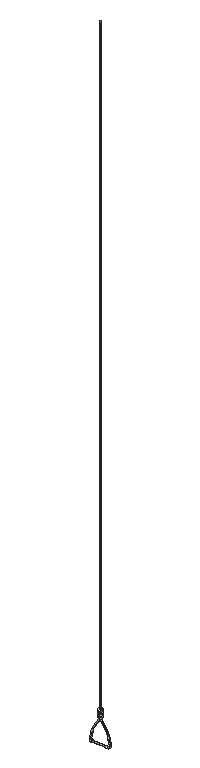
Revit family "Wire-HunterDouglas-Deep_Box_Series", category Specialty Equipment, Revit 2013
Parameters (values of type "Parametric")
  Wire Hanger = Metal - Aluminum Frame - HunterDouglas - Painted White
  URL = "http://www.hunterdouglascontract.com/ceilings/index.jsp"
  Subcategory = "Metal – Linear"  # constant formula
  Product Line = "Deep Box Series"  # constant formula
  Model = "Deep Box Series Hanger Wire"  # constant formula
  Manufacturer = "Hunter Douglas Luxalon Metal Ceilings"  # constant formula
  Hanger Wire Height [instance] = 3' - 0"
  Description = "Hanger Wire"  # constant formula
  Color Finishes = "http://www.hunterdouglascontract.com/ceilings/metalsystems/linear/deepbox/index.jsp?t=colorPage"
  Assembly Code = "C3030200"
  95 CSI = "09510"  # constant formula
  04 CSI = "09 51 00"  # constant formula
Reference planes (in)
  plane 1 "Center (Front/Back)": y = 0
  plane 2: z = 0
  plane 3 "Center (Left/Right)": x = 0
  plane 4: x = -0.77248
  plane 5: x = 0.77248
  plane 6: z = 2.4375
  plane 7: z = 2.5
  plane 8: z = 36
Dimensions and locks (in)
  equal spacing: plane 4, plane 3 "Center (Left/Right)", plane 5
  plane 4 to plane 5 = 0' - 1.54495"
  locked: plane 6 to plane 7 at 0.0625
  locked: plane 6 to level at 2.4375
  "Hanger Wire Height": plane 8 to level
  aligned and locked: level to plane 2
  aligned and locked: plane 3 "Center (Left/Right)" to nested 1
  aligned and locked: plane 1 "Center (Front/Back)" to nested 1
  aligned and locked: plane 6 to nested 1
Nested families (in)
  nested 1: "Wire" at (0, 0, 0), type "Parametric"
Definition of nested family "Wire"
  Parameters (values of type "Parametric")
    Wire Hanger = Metal - Aluminum Frame - HunterDouglas - Painted White
    URL = "http://www.hunterdouglascontract.com/ceilings/index.jsp"
    Subcategory = "Metal – Linear"  # constant formula
    Product Line = "6-7 Box Series & Deep Box"  # constant formula
    Model = "6-7 Box Series & Deep Box Hanger Wire"  # constant formula
    Manufacturer = "Hunter Douglas Luxalon Metal Ceilings"  # constant formula
    HangerWire Length = 3' - 0"
    Description = "Hanger_Wire"  # constant formula
    Assembly Code = "C3030200"
    95 CSI = "09510"  # constant formula
    04 CSI = "09 51 00"  # constant formula
  Reference planes (in)
    plane 1 "Center (Front/Back)": y = 0
    plane 2: z = 0
    plane 3 "Center (Left/Right)": x = 0
    plane 4: x = -0.77248
    plane 5: x = 0.77248
    plane 6: z = 2.4375
    plane 7: z = 2.5
    plane 8: z = 36
  Forms (in)
    Sweep 1, solid, material "Metal - Aluminum Frame - HunterDouglas - Painted White" <- "Wire Hanger", detail levels fine
      path origin (0, 0, 0) x (1, 0, 0) y (0, 0, 1)
        loop
          line (0.03125, 36) -> (0.03125, 3.70793) -> (0.38236, 3.14135)
          arc (0.38236, 3.14135) -> (0.44435, 3.01623) -> (0.48166, 2.88166) r 0.73777
          line (0.48166, 2.88166) -> (0.5376, 2.56649)
          arc (0.5376, 2.56649) -> (0.51364, 2.47677) -> (0.42949, 2.4375) r 0.1098
          line (0.42949, 2.4375) -> (-0.42976, 2.4375)
          arc (-0.42976, 2.4375) -> (-0.51374, 2.47669) -> (-0.53765, 2.56622) r 0.10957
          line (-0.53765, 2.56622) -> (-0.48246, 2.87715)
          arc (-0.48246, 2.87715) -> (-0.44395, 3.01607) -> (-0.37995, 3.14524) r 0.76163
          line (-0.37995, 3.14524) -> (-0.0384, 3.69638)
      profile origin (-0.00014, 0, 2.4375) x (0, 0, -1) y (0, -1, 0)
        loop
          circle (-0.03125, 0) r 0.03125
    Revolve 2, solid, material "Metal - Aluminum Frame - HunterDouglas - Painted White" <- "Wire Hanger", detail levels fine
      sketch origin (-1.10243, 0, 0.17393) x (0.947216, 0, -0.320596) y (0.320596, 0, 0.947216)
        loop
          line (-0.19925, 4.08974) -> (-0.26999, 4.08974)
          arc (-0.26999, 4.08974) -> (-0.30124, 4.05849) -> (-0.26999, 4.02724) r 0.03125
          line (-0.26999, 4.02724) -> (-0.19925, 4.02724) -> (-0.19925, 4.08974)
        axis (-0.19925, 4.02724) -> (-0.19925, 4.08974)
      angle from 0 to 360
    Revolve 3, solid, material "Metal - Aluminum Frame - HunterDouglas - Painted White" <- "Wire Hanger", detail levels fine
      sketch origin (-1.10243, 0, 0.1083) x (0.947216, 0, -0.320596) y (0.320596, 0, 0.947216)
        loop
          line (-0.19925, 4.08974) -> (-0.26999, 4.08974)
          arc (-0.26999, 4.08974) -> (-0.30124, 4.05849) -> (-0.26999, 4.02724) r 0.03125
          line (-0.26999, 4.02724) -> (-0.19925, 4.02724) -> (-0.19925, 4.08974)
        axis (-0.19925, 4.02724) -> (-0.19925, 4.08974)
      angle from 0 to 360
    Revolve 4, solid, material "Metal - Aluminum Frame - HunterDouglas - Painted White" <- "Wire Hanger", detail levels fine
      sketch origin (-1.10243, 0, 0.04197) x (0.947216, 0, -0.320596) y (0.320596, 0, 0.947216)
        loop
          line (-0.19925, 4.08974) -> (-0.26999, 4.08974)
          arc (-0.26999, 4.08974) -> (-0.30124, 4.05849) -> (-0.26999, 4.02724) r 0.03125
          line (-0.26999, 4.02724) -> (-0.19925, 4.02724) -> (-0.19925, 4.08974)
        axis (-0.19925, 4.02724) -> (-0.19925, 4.08974)
      angle from 0 to 360
    Revolve 5, solid, material "Metal - Aluminum Frame - HunterDouglas - Painted White" <- "Wire Hanger", detail levels fine
      sketch origin (-1.10243, 0, -0.02402) x (0.947216, 0, -0.320596) y (0.320596, 0, 0.947216)
        loop
          line (-0.19925, 4.08974) -> (-0.26999, 4.08974)
          arc (-0.26999, 4.08974) -> (-0.30124, 4.05849) -> (-0.26999, 4.02724) r 0.03125
          line (-0.26999, 4.02724) -> (-0.19925, 4.02724) -> (-0.19925, 4.08974)
        axis (-0.19925, 4.02724) -> (-0.19925, 4.08974)
      angle from 0 to 360
    Revolve 6, solid, material "Metal - Aluminum Frame - HunterDouglas - Painted White" <- "Wire Hanger", detail levels fine
      sketch origin (-1.10243, 0, -0.09) x (0.947216, 0, -0.320596) y (0.320596, 0, 0.947216)
        loop
          line (-0.19925, 4.08974) -> (-0.26999, 4.08974)
          arc (-0.26999, 4.08974) -> (-0.30124, 4.05849) -> (-0.26999, 4.02724) r 0.03125
          line (-0.26999, 4.02724) -> (-0.19925, 4.02724) -> (-0.19925, 4.08974)
        axis (-0.19925, 4.02724) -> (-0.19925, 4.08974)
      angle from 0 to 360
    Revolve 7, solid, material "Metal - Aluminum Frame - HunterDouglas - Painted White" <- "Wire Hanger", detail levels fine
      sketch origin (-1.10243, 0, -0.15751) x (0.947216, 0, -0.320596) y (0.320596, 0, 0.947216)
        loop
          line (-0.19925, 4.08974) -> (-0.26999, 4.08974)
          arc (-0.26999, 4.08974) -> (-0.30124, 4.05849) -> (-0.26999, 4.02724) r 0.03125
          line (-0.26999, 4.02724) -> (-0.19925, 4.02724) -> (-0.19925, 4.08974)
        axis (-0.19925, 4.02724) -> (-0.19925, 4.08974)
      angle from 0 to 360
  Cuts and joins
    joined: Sweep 1, Revolve 3, Revolve 5, Revolve 7
  Lines and regions (in)
    model lines, style "Wire", detail levels coarse+medium
      curve 1: line (0, 0, 36) -> (0, 0, 2.5)
    symbolic lines, style "Wire", detail levels fine
      curve 2: line (-0.50903, 0.03125, 0) -> (-0.08588, 0.03125, 0)
      curve 3: line (0.50903, -0.03126, 0) -> (0.10541, -0.03126, 0)
      curve 4: arc (0.50903, 0.03125, 0) -> (0.54029, 0, 0) -> (0.50903, -0.03126, 0) r 0.03125
      curve 5: arc (-0.50903, 0.03125, 0) -> (-0.54029, 0, 0) -> (-0.50903, -0.03126, 0) r 0.03125
      curve 6: circle (0.00977, 0, 0) r 0.10062 normal (0, 0, 1)
      curve 7: circle (0, 0, 0) r 0.03125 normal (0, 0, 1)
      curve 8: line (0.10541, 0.03125, 0) -> (0.50903, 0.03125, 0)
      curve 9: line (-0.08587, -0.03126, 0) -> (-0.50903, -0.03126, 0)
      curve 43: line (-0.03122, 0, 36) -> (0.03122, 0, 36)
      curve 44: line (0.03122, 0, 36) -> (0.03122, 0, 4.1081)
      curve 45: line (-0.04684, 0, 4.13498) -> (0.08788, 0, 4.08859)
      curve 46: line (-0.07537, 0, 4.07858) -> (0.06749, 0, 4.02939)
      curve 47: arc (0.08788, 0, 4.08859) -> (0.10729, 0, 4.0488) -> (0.06749, 0, 4.02939) r 0.03131
      curve 48: arc (-0.04684, 0, 4.13498) -> (-0.08569, 0, 4.11922) -> (-0.07537, 0, 4.07858) r 0.0319
      curve 49: arc (0.08788, 0, 4.02237) -> (0.10784, 0, 3.98437) -> (0.0711, 0, 3.96216) r 0.03131
      curve 50: arc (-0.04684, 0, 4.06876) -> (-0.08551, 0, 4.05335) -> (-0.07602, 0, 4.01282) r 0.0319
      curve 51: line (-0.07602, 0, 4.01282) -> (0.0711, 0, 3.96216)
      curve 52: arc (0.08788, 0, 3.95615) -> (0.10784, 0, 3.91815) -> (0.0711, 0, 3.89594) r 0.03131
      curve 53: arc (-0.04684, 0, 4.00254) -> (-0.08551, 0, 3.98713) -> (-0.07602, 0, 3.9466) r 0.0319
      curve 54: line (-0.07602, 0, 3.9466) -> (0.0711, 0, 3.89594)
      curve 55: arc (0.08788, 0, 3.88993) -> (0.10784, 0, 3.85193) -> (0.0711, 0, 3.82972) r 0.03131
      curve 56: arc (-0.04684, 0, 3.93632) -> (-0.08551, 0, 3.92091) -> (-0.07602, 0, 3.88038) r 0.0319
      curve 57: line (-0.07602, 0, 3.88038) -> (0.0711, 0, 3.82972)
      curve 58: arc (0.08788, 0, 3.82371) -> (0.10784, 0, 3.78571) -> (0.0711, 0, 3.7635) r 0.03131
      curve 59: arc (-0.04684, 0, 3.8701) -> (-0.08551, 0, 3.85469) -> (-0.07602, 0, 3.81416) r 0.0319
      curve 60: line (-0.07602, 0, 3.81416) -> (0.0711, 0, 3.7635)
      curve 61: arc (0.08788, 0, 3.75749) -> (0.10784, 0, 3.71949) -> (0.0711, 0, 3.69728) r 0.03131
      curve 62: arc (-0.04684, 0, 3.80388) -> (-0.08551, 0, 3.78847) -> (-0.07602, 0, 3.74794) r 0.0319
      curve 63: line (-0.07602, 0, 3.74794) -> (0.0711, 0, 3.69728)
      curve 64: line (-0.0384, 0, 3.69638) -> (-0.37724, 0, 3.14961)
      curve 65: line (-0.53854, 0, 2.57083) -> (-0.47845, 0, 2.89346)
      curve 66: arc (-0.47845, 0, 2.89346) -> (-0.43931, 0, 3.02606) -> (-0.37724, 0, 3.14961) r 0.77561
      curve 67: arc (-0.53854, 0, 2.57083) -> (-0.5193, 0, 2.48393) -> (-0.44337, 0, 2.4375) r 0.11373
      curve 68: line (0.08629, 0, 3.61911) -> (-0.0384, 0, 3.69638)
      curve 69: spline (-0.02925, 0, 3.69071) -> (-0.02601, 0, 3.69164) -> (-0.02149, 0, 3.69294) -> (-0.01593, 0, 3.69453) -> (-0.00958, 0, 3.69634) -> (-0.00276, 0, 3.69828) -> (0.00419, 0, 3.70026) -> (0.01093, 0, 3.70218) -> (0.01714, 0, 3.70394) -> (0.02251, 0, 3.70547) -> (0.02678, 0, 3.70667) -> (0.02974, 0, 3.70751) -> (0.03125, 0, 3.70793)
      curve 70: line (0, 0, 3.6397) -> (-0.32412, 0, 3.11669)
      curve 71: arc (-0.41709, 0, 2.88159) -> (-0.3811, 0, 3.00329) -> (-0.32412, 0, 3.11669) r 0.71311
      curve 72: line (-0.4771, 0, 2.55939) -> (-0.41709, 0, 2.88159)
      curve 73: arc (-0.4771, 0, 2.55939) -> (-0.46843, 0, 2.52024) -> (-0.43423, 0, 2.49933) r 0.05123
      curve 74: line (0.03122, 0, 36) -> (-0.03122, 0, 36)
      curve 75: line (-0.03122, 0, 36) -> (-0.03122, 0, 4.1296)
      curve 76: line (0.02882, 0, 3.71184) -> (0.37724, 0, 3.14961)
      curve 77: line (0.53854, 0, 2.57083) -> (0.47845, 0, 2.89346)
      curve 78: arc (0.47845, 0, 2.89346) -> (0.43931, 0, 3.02606) -> (0.37724, 0, 3.14961) r 0.77561
      curve 79: arc (0.53854, 0, 2.57083) -> (0.5193, 0, 2.48393) -> (0.44337, 0, 2.4375) r 0.11373
      curve 80: arc (0.4771, 0, 2.55939) -> (0.46843, 0, 2.52024) -> (0.43423, 0, 2.49933) r 0.05123
      curve 81: line (0.4771, 0, 2.55939) -> (0.41709, 0, 2.88159)
      curve 82: arc (0.41709, 0, 2.88159) -> (0.3811, 0, 3.00329) -> (0.32412, 0, 3.11669) r 0.71311
      curve 83: line (0, 0, 3.6397) -> (0.32412, 0, 3.11669)
      curve 84: line (-0.43423, 0, 2.49933) -> (0.43423, 0, 2.49933)
      curve 85: line (0.44337, 0, 2.4375) -> (-0.44337, 0, 2.4375)
      curve 86: line (-0.03122, 0, 3.73252) -> (-0.03122, 0, 3.69194)
    symbolic lines, style "Wire"
      curve 10: line (0, 0.03125, 36) -> (0, -0.03125, 36)
      curve 11: line (0, 0.03125, 2.46831) -> (0, 0.03125, 3.69854)
      curve 12: line (0, -0.03125, 36) -> (0, -0.03125, 4.05165)
      curve 13: arc (0, -0.08474, 4.0503) -> (0, -0.10167, 4.01557) -> (0, -0.08145, 3.98266) r 0.04011
      curve 14: arc (0, -0.08145, 3.98266) -> (0, -0.04212, 3.96692) -> (0, 0, 3.96236) r 0.15569
      curve 15: arc (0, 0.08474, 4.0503) -> (0, 0.10167, 4.01557) -> (0, 0.08145, 3.98266) r 0.04011
      curve 16: arc (0, 0.08145, 3.98266) -> (0, 0.04212, 3.96692) -> (0, 0, 3.96236) r 0.15569
      curve 17: arc (0, 0.03125, 4.05165) -> (0, 0, 4.04216) -> (0, -0.03125, 4.05165) r 0.05621
      curve 18: arc (0, -0.08169, 3.9828) -> (0, -0.10172, 3.94794) -> (0, -0.08145, 3.91321) r 0.04011
      curve 19: arc (0, -0.08145, 3.91321) -> (0, -0.04212, 3.89747) -> (0, 0, 3.89291) r 0.15569
      curve 20: arc (0, 0.08169, 3.9828) -> (0, 0.10172, 3.94794) -> (0, 0.08145, 3.91321) r 0.04011
      curve 21: arc (0, 0.08145, 3.91321) -> (0, 0.04212, 3.89747) -> (0, 0, 3.89291) r 0.15569
      curve 22: arc (0, -0.08474, 3.91531) -> (0, -0.10167, 3.88058) -> (0, -0.08145, 3.84767) r 0.04011
      curve 23: arc (0, -0.08145, 3.84767) -> (0, -0.04212, 3.83193) -> (0, 0, 3.82736) r 0.15569
      curve 24: arc (0, 0.08474, 3.91531) -> (0, 0.10167, 3.88058) -> (0, 0.08145, 3.84767) r 0.04011
      curve 25: arc (0, 0.08145, 3.84767) -> (0, 0.04212, 3.83193) -> (0, 0, 3.82736) r 0.15569
      curve 26: arc (0, -0.08474, 3.84977) -> (0, -0.10167, 3.81504) -> (0, -0.08145, 3.78213) r 0.04011
      curve 27: arc (0, -0.08145, 3.78213) -> (0, -0.04212, 3.76638) -> (0, 0, 3.76182) r 0.15569
      curve 28: arc (0, 0.08474, 3.84977) -> (0, 0.10167, 3.81504) -> (0, 0.08145, 3.78213) r 0.04011
      curve 29: arc (0, 0.08145, 3.78213) -> (0, 0.04212, 3.76638) -> (0, 0, 3.76182) r 0.15569
      curve 30: arc (0, -0.08474, 3.78422) -> (0, -0.10167, 3.7495) -> (0, -0.08145, 3.71659) r 0.04011
      curve 31: arc (0, -0.08145, 3.71659) -> (0, -0.04212, 3.70084) -> (0, 0, 3.69628) r 0.15569
      curve 32: arc (0, 0.08474, 3.78422) -> (0, 0.10167, 3.7495) -> (0, 0.08145, 3.71659) r 0.04011
      curve 33: arc (0, 0.08145, 3.71659) -> (0, 0.04212, 3.70084) -> (0, 0, 3.69628) r 0.15569
      curve 34: line (0, 0.03125, 4.05165) -> (0, 0.03125, 36)
      curve 35: line (0, -0.03125, 3.69854) -> (0, -0.03125, 2.46831)
      curve 36: arc (0, -0.03125, 2.46831) -> (0, 0, 2.43706) -> (0, 0.03125, 2.46831) r 0.03125
      curve 37: arc (0, -0.08474, 4.11584) -> (0, -0.10167, 4.08112) -> (0, -0.08145, 4.0482) r 0.04011
      curve 38: arc (0, -0.08145, 4.0482) -> (0, -0.04212, 4.03246) -> (0, 0, 4.0279) r 0.15569
      curve 39: arc (0, 0.08474, 4.11584) -> (0, 0.10167, 4.08112) -> (0, 0.08145, 4.0482) r 0.04011
      curve 40: arc (0, 0.08145, 4.0482) -> (0, 0.04212, 4.03246) -> (0, 0, 4.0279) r 0.15569
      curve 41: arc (0, -0.08474, 4.11584) -> (0, -0.05931, 4.12919) -> (0, -0.03125, 4.13531) r 0.10721
      curve 42: arc (0, 0.08474, 4.11584) -> (0, 0.05931, 4.12919) -> (0, 0.03125, 4.13531) r 0.10721
  Dimensions and locks (in)
    equal spacing: plane 4, plane 3 "Center (Left/Right)", plane 5
    plane 4 to plane 5 = 0' - 1.54495"
    locked: plane 6 to plane 7 at 0.0625
    locked: plane 6 to level at 2.4375
    "HangerWire Length": plane 8 to level
    aligned and locked: level to plane 2
    aligned and locked: Sweep 1 sketch curve to plane 6
    aligned and locked: plane 8 to Sweep 1 sketch curve
    aligned and locked: curve 1 to plane 3 "Center (Left/Right)"
    aligned and locked: plane 7 to curve 1
    aligned and locked: plane 8 to curve 1
    aligned and locked: curve 7 to cut or joined group of Sweep 1, Revolve 3, Revolve 5, Revolve 7
    aligned and locked: curve 68 to cut or joined group of Sweep 1, Revolve 3, Revolve 5, Revolve 7
  Automatic sketch dimensions
    Sweep 1 sketch curve to plane 1 "Center (Front/Back)" = 0' - 0"
    profile plane to Sweep 1 sketch curve = 0' - 0 1/32"
    Revolve 2 sketch curve to plane 3 "Center (Left/Right)" = 0' - 0.06706"
    Revolve 2 sketch curve to Revolve 2 sketch curve = 0' - 0.07074"
    Revolve 2 sketch curve to Revolve 2 sketch curve = 0' - 0"  (x2)
    Revolve 2 sketch curve to Revolve 2 sketch curve = 0' - 0 1/32"
    Revolve 2 sketch curve to Revolve 2 sketch curve = 0' - 0.02781"
    Revolve 3 sketch curve to plane 3 "Center (Left/Right)" = 0' - 0.06706"
    Revolve 3 sketch curve to Revolve 3 sketch curve = 0' - 0.07074"
    Revolve 3 sketch curve to Revolve 3 sketch curve = 0' - 0"  (x2)
    Revolve 3 sketch curve to Revolve 3 sketch curve = 0' - 0 1/32"
    Revolve 3 sketch curve to Revolve 3 sketch curve = 0' - 0.02781"
    Revolve 4 sketch curve to plane 3 "Center (Left/Right)" = 0' - 0.06706"
    Revolve 4 sketch curve to Revolve 4 sketch curve = 0' - 0.07074"
    Revolve 4 sketch curve to Revolve 4 sketch curve = 0' - 0"  (x2)
    Revolve 4 sketch curve to Revolve 4 sketch curve = 0' - 0 1/32"
    Revolve 4 sketch curve to Revolve 4 sketch curve = 0' - 0.02781"
    Revolve 5 sketch curve to plane 3 "Center (Left/Right)" = 0' - 0.06706"
    Revolve 5 sketch curve to Revolve 5 sketch curve = 0' - 0.07074"
    Revolve 5 sketch curve to Revolve 5 sketch curve = 0' - 0"  (x2)
    Revolve 5 sketch curve to Revolve 5 sketch curve = 0' - 0 1/32"
    Revolve 5 sketch curve to Revolve 5 sketch curve = 0' - 0.02781"
    Revolve 6 sketch curve to plane 3 "Center (Left/Right)" = 0' - 0.06706"
    Revolve 6 sketch curve to Revolve 6 sketch curve = 0' - 0.07074"
    Revolve 6 sketch curve to Revolve 6 sketch curve = 0' - 0"  (x2)
    Revolve 6 sketch curve to Revolve 6 sketch curve = 0' - 0 1/32"
    Revolve 6 sketch curve to Revolve 6 sketch curve = 0' - 0.02781"
    Revolve 7 sketch curve to plane 3 "Center (Left/Right)" = 0' - 0.06706"
    Revolve 7 sketch curve to Revolve 7 sketch curve = 0' - 0.07074"
    Revolve 7 sketch curve to Revolve 7 sketch curve = 0' - 0"  (x2)
    Revolve 7 sketch curve to Revolve 7 sketch curve = 0' - 0 1/32"
    Revolve 7 sketch curve to Revolve 7 sketch curve = 0' - 0.02781"
    plane 7 to Sweep 1 sketch curve = 0' - 0.06622"
    Sweep 1 sketch curve to plane 4 = 0' - 0.23483"
    Sweep 1 sketch curve to plane 4 = 0' - 0.29002"
    Sweep 1 sketch curve to Sweep 1 sketch curve = 0' - 0.10788"
    Sweep 1 sketch curve to Sweep 1 sketch curve = 0' - 0.10251"
    Sweep 1 sketch curve to plane 3 "Center (Left/Right)" = 0' - 0.24476"
    Sweep 1 sketch curve to plane 3 "Center (Left/Right)" = 0' - 0.0384"
    plane 3 "Center (Left/Right)" to Sweep 1 sketch curve = 0' - 0 1/32"
    plane 3 "Center (Left/Right)" to Sweep 1 sketch curve = 0' - 0.26745"
    plane 3 "Center (Left/Right)" to Sweep 1 sketch curve = 0' - 0.38236"
    Sweep 1 sketch curve to plane 5 = 0' - 0.34298"
    Sweep 1 sketch curve to Sweep 1 sketch curve = 0' - 0.21421"
    plane 7 to Sweep 1 sketch curve = 0' - 0.06649"
    Sweep 1 sketch curve to Sweep 1 sketch curve = 0' - 0.10811"
    plane 7 to Sweep 1 sketch curve = 0' - 0.24405"
    plane 7 to Sweep 1 sketch curve = 0' - 0.25273"
    Sweep 1 sketch curve to Sweep 1 sketch curve = 0' - 0.12442"
    Sweep 1 sketch curve to Sweep 1 sketch curve = 0' - 0.13761"
    Sweep 1 sketch curve to Sweep 1 sketch curve = 0' - 0.55114"
    Sweep 1 sketch curve to Sweep 1 sketch curve = 0' - 0.01154"
    plane 7 to Revolve 2 sketch curve = 0' - 1.57516"
    plane 7 to Revolve 3 sketch curve = 0' - 1.50953"
    plane 7 to Revolve 4 sketch curve = 0' - 1.44319"
    plane 7 to Revolve 5 sketch curve = 0' - 1.37721"
    plane 7 to Revolve 6 sketch curve = 0' - 1.31123"
    plane 7 to Revolve 7 sketch curve = 0' - 1.24371"
    plane 1 "Center (Front/Back)" to curve 6 = 0' - 0"
    curve 2 to plane 1 "Center (Front/Back)" = 0' - 0 1/32"
    curve 2 to plane 4 = 0' - 0.26344"
    plane 3 "Center (Left/Right)" to curve 6 = 0' - 0.00977"
    plane 1 "Center (Front/Back)" to curve 3 = 0' - 0 1/32"
    curve 3 to plane 5 = 0' - 0.26344"
    plane 3 "Center (Left/Right)" to curve 8 = 0' - 0.10541"
    plane 1 "Center (Front/Back)" to curve 4 = 0' - 0"
    plane 1 "Center (Front/Back)" to curve 5 = 0' - 0 1/32"
    curve 12 to plane 8 = 0' - 0"
    curve 17 to plane 1 "Center (Front/Back)" = 0' - 0"
    curve 25 to plane 1 "Center (Front/Back)" = 0' - 0"
    curve 21 to plane 1 "Center (Front/Back)" = 0' - 0"
    curve 33 to plane 1 "Center (Front/Back)" = 0' - 0"
    curve 38 to plane 1 "Center (Front/Back)" = 0' - 0"
    curve 36 to plane 1 "Center (Front/Back)" = 0' - 0"
    curve 14 to plane 1 "Center (Front/Back)" = 0' - 0"
    curve 27 to plane 1 "Center (Front/Back)" = 0' - 0"
    plane 1 "Center (Front/Back)" to curve 19 = 0' - 0.00445"
    plane 1 "Center (Front/Back)" to curve 23 = 0' - 0.00445"
    plane 1 "Center (Front/Back)" to curve 14 = 0' - 0.00445"
    plane 1 "Center (Front/Back)" to curve 27 = 0' - 0.00445"
    plane 1 "Center (Front/Back)" to curve 38 = 0' - 0.00445"
    plane 1 "Center (Front/Back)" to curve 31 = 0' - 0.00445"
    plane 1 "Center (Front/Back)" to curve 41 = 0' - 0.02264"
    plane 1 "Center (Front/Back)" to curve 10 = 0' - 0 1/32"
    curve 36 to curve 36 = 0' - 0 1/32"
    curve 30 to curve 35 = 0' - 0.03036"
    plane 1 "Center (Front/Back)" to curve 26 = 0' - 0.06161"
    curve 13 to curve 41 = 0' - 0.03896"
    plane 1 "Center (Front/Back)" to curve 22 = 0' - 0.06161"
    curve 27 to curve 30 = 0' - 0.01984"
    curve 18 to curve 22 = 0' - 0.01984"
    curve 30 to curve 30 = 0' - 0.01984"
    curve 26 to curve 27 = 0' - 0"
    curve 38 to curve 13 = 0' - 0.01984"
    curve 37 to curve 38 = 0' - 0"
    curve 19 to curve 18 = 0' - 0"
    curve 31 to curve 30 = 0' - 0"
    curve 22 to curve 26 = 0' - 0.01984"
    curve 13 to curve 18 = 0' - 0.01984"
    curve 14 to curve 13 = 0' - 0"
    curve 23 to curve 22 = 0' - 0"
    curve 18 to curve 13 = 0' - 0.00025"
    curve 30 to curve 26 = 0' - 0.0033"
    curve 13 to curve 38 = 0' - 0.0033"
    curve 22 to curve 19 = 0' - 0.0033"
    curve 41 to curve 37 = 0' - 0.02313"
    curve 26 to curve 22 = 0' - 0.0033"
    curve 25 to plane 1 "Center (Front/Back)" = 0' - 0.00445"
    curve 29 to plane 1 "Center (Front/Back)" = 0' - 0.00445"
    curve 40 to plane 1 "Center (Front/Back)" = 0' - 0.00445"
    curve 16 to plane 1 "Center (Front/Back)" = 0' - 0.00445"
    curve 33 to plane 1 "Center (Front/Back)" = 0' - 0.00445"
    curve 21 to plane 1 "Center (Front/Back)" = 0' - 0.00445"
    curve 42 to plane 1 "Center (Front/Back)" = 0' - 0.02264"
    curve 10 to plane 1 "Center (Front/Back)" = 0' - 0 1/32"
    curve 24 to plane 1 "Center (Front/Back)" = 0' - 0.06161"
    curve 42 to curve 15 = 0' - 0.03896"
    curve 11 to curve 32 = 0' - 0.03036"
    curve 28 to plane 1 "Center (Front/Back)" = 0' - 0.06161"
    curve 20 to curve 16 = 0' - 0.01984"
    curve 32 to curve 28 = 0' - 0.01984"
    curve 28 to curve 25 = 0' - 0.01984"
    curve 24 to curve 25 = 0' - 0"
    curve 29 to curve 28 = 0' - 0"
    curve 32 to curve 32 = 0' - 0.01984"
    curve 24 to curve 21 = 0' - 0.01984"
    curve 20 to curve 21 = 0' - 0"
    curve 15 to curve 16 = 0' - 0"
    curve 15 to curve 40 = 0' - 0.01984"
    curve 39 to curve 40 = 0' - 0"
    curve 33 to curve 32 = 0' - 0"
    curve 16 to curve 20 = 0' - 0.00025"
    curve 39 to curve 39 = 0' - 0.02313"
    curve 28 to curve 32 = 0' - 0.0033"
    curve 25 to curve 28 = 0' - 0.0033"
    curve 20 to curve 24 = 0' - 0.0033"
    plane 7 to curve 40 = 0' - 1.68352"
    curve 38 to curve 40 = 0' - 0"
    curve 42 to curve 40 = 0' - 0.04821"
    curve 41 to curve 38 = 0' - 0.04821"
    curve 41 to curve 41 = 0' - 0.01947"
    curve 14 to curve 41 = 0' - 0.01733"
    curve 14 to curve 16 = 0' - 0"
    curve 17 to curve 14 = 0' - 0.01961"
    curve 38 to curve 21 = 0' - 0.02063"
    curve 19 to curve 21 = 0' - 0"
    curve 16 to curve 25 = 0' - 0.02063"
    curve 23 to curve 25 = 0' - 0"
    curve 16 to curve 20 = 0' - 0.00014"
    curve 19 to curve 29 = 0' - 0.02454"
    curve 27 to curve 29 = 0' - 0"
    curve 20 to curve 24 = 0' - 0.00209"
    curve 25 to curve 33 = 0' - 0.02454"
    curve 31 to curve 33 = 0' - 0"
    curve 22 to curve 26 = 0' - 0.00209"
    curve 28 to curve 32 = 0' - 0.00209"
    curve 36 to plane 6 = 0' - 0.03081"
    curve 37 to curve 41 = 0' - 0.05349"
    curve 18 to curve 13 = 0' - 0.02008"
    curve 39 to curve 39 = 0' - 0.01984"
    curve 20 to curve 24 = 0' - 0.02313"
    curve 39 to curve 15 = 0' - 0.0033"
    curve 31 to curve 38 = 0' - 0.33162"
    curve 41 to curve 12 = 0' - 0.0232"
    curve 66 to curve 71 = 0' - 0"  (x2)
    curve 67 to curve 73 = 0' - 0"  (x2)
    curve 78 to curve 82 = 0' - 0"  (x2)
    curve 79 to curve 80 = 0' - 0"  (x2)
    curve 67 to plane 6 = 0' - 0"
    curve 74 to plane 8 = 0' - 0"
    curve 83 to plane 3 "Center (Left/Right)" = 0' - 0"
    curve 69 to plane 3 "Center (Left/Right)" = 0' - 0.02925"
    curve 86 to curve 69 = 0' - 0.00197"
    curve 75 to plane 3 "Center (Left/Right)" = 0' - 0.03122"
    curve 69 to curve 86 = 0' - 0.00021"
    curve 64 to curve 86 = 0' - 0.00718"
    curve 62 to plane 3 "Center (Left/Right)" = 0' - 0.04684"
    curve 48 to curve 75 = 0' - 0 1/64"
    curve 59 to plane 3 "Center (Left/Right)" = 0' - 0.04684"
    curve 53 to plane 3 "Center (Left/Right)" = 0' - 0.04684"
    curve 56 to plane 3 "Center (Left/Right)" = 0' - 0.04684"
    curve 50 to plane 3 "Center (Left/Right)" = 0' - 0.04684"
    curve 59 to curve 59 = 0' - 0.01039"
    curve 50 to curve 50 = 0' - 0.01039"
    curve 48 to curve 48 = 0' - 0.01039"
    curve 62 to curve 62 = 0' - 0.01039"
    curve 56 to curve 56 = 0' - 0.01039"
    curve 53 to curve 53 = 0' - 0.01039"
    curve 46 to curve 50 = 0' - 0.02853"
    curve 59 to curve 62 = 0' - 0.02918"
    curve 54 to curve 56 = 0' - 0.02918"
    curve 63 to curve 62 = 0' - 0.01879"
    curve 56 to curve 59 = 0' - 0.02918"
    curve 50 to curve 53 = 0' - 0.02918"
    curve 70 to plane 3 "Center (Left/Right)" = 0' - 0.32412"
    curve 64 to curve 71 = 0' - 0.05313"
    curve 71 to curve 78 = 0' - 0.13505"
    plane 7 to curve 73 = 0' - 0.05001"
    curve 73 to curve 78 = 0' - 0.14469"
    curve 73 to plane 7 = 0' - 0.00067"
    curve 73 to curve 67 = 0' - 0.0075"
    curve 85 to curve 84 = 0' - 0.00915"
    curve 73 to curve 67 = 0' - 0.05037"
    curve 65 to curve 71 = 0' - 0.06136"
    plane 7 to curve 65 = 0' - 0.07083"
    plane 3 "Center (Left/Right)" to curve 69 = 0' - 0"
    plane 3 "Center (Left/Right)" to curve 76 = 0' - 0.02882"
    plane 3 "Center (Left/Right)" to curve 43 = 0' - 0.03122"
    curve 76 to curve 69 = 0' - 0.00243"
    plane 3 "Center (Left/Right)" to curve 47 = 0' - 0.06749"
    curve 69 to curve 63 = 0' - 0.03985"
    curve 58 to curve 63 = 0' - 0"
    curve 47 to curve 49 = 0' - 0.00361"
    curve 55 to curve 60 = 0' - 0"
    curve 51 to curve 54 = 0' - 0"
    curve 63 to curve 61 = 0' - 0.00658"
    curve 57 to curve 55 = 0' - 0.00658"
    curve 46 to curve 47 = 0' - 0.01019"
    curve 49 to curve 49 = 0' - 0.00658"
    curve 60 to curve 58 = 0' - 0.00658"
    curve 54 to curve 52 = 0' - 0.00658"
    curve 61 to curve 68 = 0' - 0.01519"
    curve 47 to curve 49 = 0' - 0.02038"
    curve 58 to curve 61 = 0' - 0.01678"
    curve 51 to curve 52 = 0' - 0.01678"
    curve 55 to curve 58 = 0' - 0.01678"
    curve 47 to curve 47 = 0' - 0.01019"
    curve 52 to curve 55 = 0' - 0.01678"
    plane 3 "Center (Left/Right)" to curve 71 = 0' - 0.28204"
    plane 3 "Center (Left/Right)" to curve 83 = 0' - 0.32412"
    curve 83 to curve 76 = 0' - 0.05313"
    curve 66 to curve 81 = 0' - 0.13505"
    plane 7 to curve 80 = 0' - 0.05001"
    curve 66 to curve 80 = 0' - 0.14469"
    curve 79 to curve 80 = 0' - 0.0075"
    curve 84 to curve 79 = 0' - 0.00915"
    curve 79 to curve 80 = 0' - 0.05037"
    curve 81 to curve 78 = 0' - 0.06136"
    curve 80 to curve 79 = 0' - 0.06144"
    curve 79 to curve 71 = 0' - 0.19104"
    curve 67 to curve 82 = 0' - 0.19104"
    curve 66 to curve 81 = 0' - 0.14054"
    curve 71 to curve 65 = 0' - 0.01187"
    curve 81 to curve 78 = 0' - 0.01187"
    curve 83 to curve 69 = 0' - 0.05101"
    curve 69 to curve 86 = 0' - 0.00186"
    curve 63 to curve 69 = 0' - 0.01064"
    curve 63 to curve 61 = 0' - 0.03061"
    curve 64 to curve 86 = 0' - 0.03613"
    curve 61 to curve 58 = 0' - 0.00601"
    curve 62 to curve 62 = 0' - 0.02577"
    curve 60 to curve 58 = 0' - 0.03061"
    curve 62 to curve 60 = 0' - 0.01028"
    curve 58 to curve 57 = 0' - 0.00601"
    curve 60 to curve 59 = 0' - 0.02577"
    curve 57 to curve 55 = 0' - 0.03061"
    curve 59 to curve 57 = 0' - 0.01028"
    curve 55 to curve 54 = 0' - 0.00601"
    curve 56 to curve 56 = 0' - 0.02577"
    curve 54 to curve 52 = 0' - 0.03061"
    curve 56 to curve 53 = 0' - 0.01028"
    curve 52 to curve 49 = 0' - 0.00601"
    curve 53 to curve 53 = 0' - 0.02577"
    curve 49 to curve 49 = 0' - 0.03061"
    curve 53 to curve 51 = 0' - 0.01028"
    curve 49 to curve 47 = 0' - 0.00702"
    curve 51 to curve 50 = 0' - 0.02577"
    curve 46 to curve 47 = 0' - 0.0296"
    curve 46 to curve 48 = 0' - 0.02623"
    radius of Sweep 1 sketch curve = 0' - 0 1/32"
